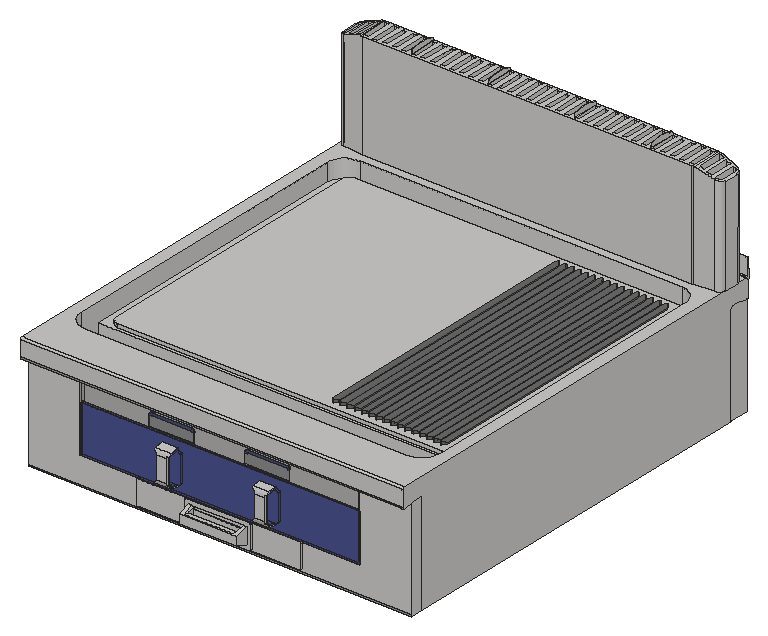
Revit family "QF_ELECTROLUXPROFESSIONAL_589111_MCHOABHOPO", category Specialty Equipment, Revit 2018
Family settings
  Round Connector Dimension = Use Diameter
  Part Type = Normal
  Work Plane-Based = No
  Always vertical = Yes
  Cut with Voids When Loaded = No
  Shared = No
  Room Calculation Point = No
Parameters
  Weight in Pounds = 264.6
  Watts = 0 W
  URL Cutsheet = ""
  Type Mark [instance] = ""
  Specification by User [instance] = ""
  Specification by Manufacturer = ""
  Show Clearance [instance] = yes
  Serial Number = ""
  Seismic Rating = ""
  SMACNA No = ""
  Revision Code [instance] = ""
  Omniclass Number and Title = ""
  NAFEM Spec ID Number = ""
  Model = "589111"
  Mechanical Remarks = ""
  Mechanical Connection Type = ""
  Masterspec = ""
  Manufacturer = "ELECTROLUX"
  Item Number [instance] = ""
  Installed By [instance] = ""
  Identify Quantity as Lot [instance] = yes
  HP = "0 HP"
  Gas Size = 1/2"
  Gas RI Height [instance] = 0 mm
  Gas KW = 20
  Gas Input [instance] = 68180.0 Btu/h
  Gas Connection Height = 0 mm
  Furnished By [instance] = ""
  Foodservice Equipment Identifier [instance] = yes
  Direct Waste Size = 0"
  Description = "GAS FRYTOP,MIXED PL,1S,BSPL,800X900X250"
  CSI MasterFormat = ""
  CSI Master Format = ""
Reference planes
  plane 1 "BACK": y = 0
  plane 2: z = 0
  plane 3 "LEFT": x = 0
  plane 4 "RIGHT": x = 800
  plane 5 "FRONT": y = -900
  plane 6 "TOP": z = 250
  plane 7: x = 400
  plane 8: y = -450
  plane 9: z = 481
  plane 10: y = -1330
Forms (mm)
  Extrusion 1, solid, material "QF_Finishes_Stainless Steel"
    sketch origin (0, -487.128, 0) x (0, 1, 0) y (0, 0, 1)
      loop
        line (483.128, 250) -> (-408.872, 250)
        arc (-408.872, 250) -> (-411.7, 248.828) -> (-412.872, 246) r 4
        line (-412.872, 246) -> (-412.872, 214)
        arc (-412.872, 214) -> (-411.443, 210.936) -> (-408.177, 210.061) r 4
        line (-408.177, 210.061) -> (-391.509, 213) -> (-366.872, 213) -> (-366.872, 0) -> (441.128, 0) -> (441.128, 213) -> (465.765, 213) -> (482.433, 210.061)
        arc (482.433, 210.061) -> (485.699, 210.936) -> (487.128, 214) r 4
        line (487.128, 214) -> (487.128, 246)
        arc (487.128, 246) -> (485.956, 248.828) -> (483.128, 250) r 4
    from 0 to 800
  Extrusion 2, void
    sketch origin (653.786, 44.048, 250) x (1, 0, 0) y (0, -1, 0)
      loop
        line (-590.636, 138.048) -> (83.064, 138.048)
        arc (83.064, 138.048) -> (110.04, 149.222) -> (121.214, 176.198) r 38.15
        line (121.214, 176.198) -> (121.214, 816.572)
        arc (121.214, 816.572) -> (109.944, 843.779) -> (82.737, 855.048) r 38.476
        line (82.737, 855.048) -> (-591.786, 855.048)
        arc (-591.786, 855.048) -> (-617.949, 844.211) -> (-628.786, 818.048) r 37
        line (-628.786, 818.048) -> (-628.786, 176.198)
        arc (-628.786, 176.198) -> (-617.613, 149.222) -> (-590.636, 138.048) r 38.15
    from 0 to 37
  Extrusion 3, void
    sketch origin (1307.573, 92.096, 213) x (0, 1, 0) y (1, 0, 0)
      loop
        line (-821.846, -532.573) -> (-864.62, -532.573)
        arc (-864.62, -532.573) -> (-891.827, -543.842) -> (-903.096, -571.049) r 38.476
        line (-903.096, -571.049) -> (-903.096, -1245.573)
        arc (-903.096, -1245.573) -> (-892.259, -1271.736) -> (-866.096, -1282.573) r 37
        line (-866.096, -1282.573) -> (-821.846, -1282.573) -> (-821.846, -532.573)
    from 0 to 25.6
  Extrusion 4, void
    sketch origin (1612.573, 92.096, 187.4) x (-1, 0, 0) y (0, 1, 0)
      loop
        circle (1212.573, -862.096) r 22.248
    from 0 to 92
  Extrusion 5, solid, material "QF_Finishes_Stainless Steel"
    sketch origin (0, -854, 0) x (1, 0, 0) y (0, -1, 0)
      loop
        circle (765, -264) r 6.35
    from 0 to 3.2
  Extrusion 6, solid, material "QF_Door-Drawer Clearances", visible <- "Show Clearance", detail levels coarse
    sketch origin (437.31, -881.593, 8.62) x (0, 0, 1) y (-1, 0, 0)
      loop
        line (1.973, -134.295) -> (49.317, -134.295)
        arc (49.317, -134.295) -> (50.776, -133.691) -> (51.38, -132.232) r 2.063
        line (51.38, -132.232) -> (51.38, 206.852)
        arc (51.38, 206.852) -> (50.88, 208.549) -> (49.541, 209.705) r 3.133
        line (49.541, 209.705) -> (3.067, 209.705)
        arc (3.067, 209.705) -> (0.898, 208.807) -> (0, 206.638) r 3.067
        line (0, 206.638) -> (0, -132.322)
        arc (0, -132.322) -> (0.578, -133.717) -> (1.973, -134.295) r 1.973
    from 0 to 448.407
  Extrusion 7, solid, material "QF_Clearances", visible <- "Show Clearance", detail levels coarse
    sketch origin (-178.969, -4572, 0) x (-1, 0, 0) y (0, -1, 0)
      loop
        line (-78.969, -3672) -> (-178.969, -3672) -> (-178.969, -4572) -> (-978.969, -4572) -> (-978.969, -3672) -> (-1078.969, -3672) -> (-1078.969, -4672) -> (-78.969, -4672) -> (-78.969, -3672)
    from 0 to 250
  Extrusion 8, solid, material "QF_Finishes_Stainless Steel"
    sketch origin (0, 0, 0) x (0, 1, 0) y (0, 0, 1)
      loop
        line (-2.951, 1.994) -> (-2.951, 210.127)
        arc (-2.951, 210.127) -> (-3.795, 210.003) -> (-4.646, 210.061) r 4
        line (-4.646, 210.061) -> (-21.287, 212.994) -> (-45, 212.994) -> (-45, -0.006) -> (-4.951, -0.006)
        arc (-4.951, -0.006) -> (-3.537, 0.58) -> (-2.951, 1.994) r 2
      loop
        arc (-1.951, 252) -> (-2.537, 250.586) -> (-3.951, 250) r 2
        arc (-3.951, 250) -> (-1.172, 248.823) -> (0, 245.994) r 4
        line (0, 245.994) -> (0, 288) -> (-1.951, 288) -> (-1.951, 252)
    from 800 to 0
Cuts and joins
  Extrusion 2, Extrusion 3, Extrusion 4 cuts Extrusion 1
Lines and regions (mm)
  symbolic lines
    curve 1: line (493.666, -902.326, 0) -> (493.666, -900, 0)
    curve 2: spline (499.334, -903.73, 0) -> (498.856, -903.657, 0) -> (498.378, -903.575, 0) -> (497.901, -903.486, 0) -> (497.425, -903.389, 0) -> (496.95, -903.283, 0) -> (496.476, -903.17, 0) -> (496.004, -903.049, 0) -> (495.533, -902.92, 0) -> (495.064, -902.783, 0) -> (494.596, -902.638, 0) -> (494.13, -902.486, 0) -> (493.666, -902.326, 0)
    curve 3: line (525.881, -902.326, 0) -> (525.881, -900, 0)
    curve 4: spline (525.881, -902.326, 0) -> (525.417, -902.486, 0) -> (524.951, -902.638, 0) -> (524.483, -902.783, 0) -> (524.014, -902.92, 0) -> (523.543, -903.049, 0) -> (523.071, -903.17, 0) -> (522.597, -903.283, 0) -> (522.122, -903.389, 0) -> (521.646, -903.486, 0) -> (521.169, -903.575, 0) -> (520.691, -903.657, 0) -> (520.213, -903.73, 0)
    curve 5: line (499.334, -903.73, 0) -> (520.213, -903.73, 0)
    curve 6: line (25, -774, 0) -> (25, -132.15, 0)
    curve 7: arc (25, -132.15, 0) -> (36.174, -105.174, 0) -> (63.15, -94, 0) r 38.15
    curve 8: line (63.15, -94, 0) -> (736.85, -94, 0)
    curve 9: arc (736.85, -94, 0) -> (763.826, -105.174, 0) -> (775, -132.15, 0) r 38.15
    curve 10: line (775, -132.15, 0) -> (775, -772.524, 0)
    curve 11: arc (775, -772.524, 0) -> (763.731, -799.731, 0) -> (736.524, -811, 0) r 38.476
    curve 12: line (736.524, -811, 0) -> (62, -811, 0)
    curve 13: arc (62, -811, 0) -> (35.837, -800.163, 0) -> (25, -774, 0) r 37
    curve 14: line (775, -729.75, 0) -> (25, -729.75, 0)
    curve 15: circle (400, -770, 0) r 22.248 normal (0, 0, -1)
    curve 16: line (0, 0, 0) -> (800, 0, 0)
    curve 17: line (0, -900, 0) -> (0, 0, 0)
    curve 18: line (800, -900, 0) -> (0, -900, 0)
    curve 19: line (800, 0, 0) -> (800, -900, 0)
    curve 20: line (347.608, -908.767, 0) -> (450.042, -908.767, 0)
    curve 21: line (450.042, -908.767, 0) -> (451.588, -900, 0)
    curve 22: line (347.608, -908.767, 0) -> (346.062, -900, 0)
    curve 29: line (0, -1.951, 0) -> (800, -1.951, 0)
  symbolic lines, style "QF_Door-Drawer Clearances"
    curve 23: line (227.605, -1330, 0) -> (227.605, -900, 0)
    curve 24: line (227.605, -1330, 0) -> (571.605, -1330, 0)
    curve 25: line (571.605, -1330, 0) -> (571.605, -900, 0)
  symbolic lines, style "QF_Clearances", visible <- "Show Clearance", detail levels coarse
    curve 26: line (-100, 100, 0) -> (-100, -900, 0)
    curve 27: line (900, 100, 0) -> (-100, 100, 0)
    curve 28: line (900, -900, 0) -> (900, 100, 0)
Dimensions and locks
  plane 3 "LEFT" to plane 4 "RIGHT" = 800 mm
  plane 5 "FRONT" to plane 1 "BACK" = 900 mm
  equal spacing: plane 3 "LEFT", plane 7, plane 4 "RIGHT"
  equal spacing: plane 5 "FRONT", plane 8, plane 1 "BACK"
  plane 6 "TOP" to level = 250 mm  (x2)
  plane 1 "BACK" to plane 5 "FRONT" = 900 mm
  Extrusion 5 sketch curve to plane 1 "BACK" = 590 mm
  Extrusion 5 sketch curve to plane 4 "RIGHT" = 35 mm
  plane 5 "FRONT" to plane 10 = 430 mm
  plane 9 to plane 6 "TOP" = 231 mm
  plane 9 to level = 481 mm
  Extrusion 7 to plane 3 "LEFT" = 100 mm
  plane 4 "RIGHT" to Extrusion 7 = 100 mm
  plane 1 "BACK" to Extrusion 7 = 100 mm
  aligned and locked: level to plane 2
  aligned and locked: Extrusion 6 to plane 10
  aligned and locked: plane 6 "TOP" to Extrusion 7
  aligned and locked: cut or joined group of Extrusion 1, Extrusion 2, Extrusion 3, Extrusion 4 to plane 4 "RIGHT"
  aligned and locked: plane 7 to nested 1
  aligned and locked: plane 7 to nested 2
  aligned and locked: Extrusion 8 to plane 4 "RIGHT"
  aligned and locked: plane 7 to nested 3
Automatic sketch dimensions
  Extrusion 1 to Extrusion 2 sketch curve = 90 mm
  Extrusion 1 to Extrusion 2 sketch curve = 122 mm
  Extrusion 1 to Extrusion 2 sketch curve = 25 mm
  Extrusion 2 sketch curve to Extrusion 2 sketch curve = 38.15 mm  (x2)
  Extrusion 1 to Extrusion 2 sketch curve = 123.476 mm
  Extrusion 1 to Extrusion 2 sketch curve = 85 mm
  Extrusion 2 sketch curve to Extrusion 2 sketch curve = 674.524 mm
  Extrusion 1 sketch curve to plane 5 "FRONT" = 0 mm
  Extrusion 1 sketch curve to plane 6 "TOP" = 0 mm
  Extrusion 1 sketch curve to level = 0 mm
  Extrusion 1 sketch curve to plane 1 "BACK" = 0 mm
  Extrusion 1 sketch curve to plane 6 "TOP" = 37 mm  (x2)
  Extrusion 1 sketch curve to plane 5 "FRONT" = 4 mm
  Extrusion 1 sketch curve to plane 5 "FRONT" = 21.363 mm
  Extrusion 1 sketch curve to plane 5 "FRONT" = 46 mm
  plane 1 "BACK" to Extrusion 1 sketch curve = 21.363 mm
  plane 1 "BACK" to Extrusion 1 sketch curve = 4 mm  (x2)
  Extrusion 1 sketch curve to Extrusion 1 sketch curve = 4 mm
  Extrusion 1 sketch curve to Extrusion 1 sketch curve = 0.695 mm
  Extrusion 1 sketch curve to Extrusion 1 sketch curve = 0 mm  (x4)
  plane 1 "BACK" to Extrusion 1 sketch curve = 4.695 mm
  Extrusion 1 sketch curve to Extrusion 1 sketch curve = 1 mm  (x2)
  plane 1 "BACK" to Extrusion 1 sketch curve = 46 mm
  Extrusion 3 sketch curve to Extrusion 2 = 81.25 mm
  Extrusion 2 to Extrusion 3 sketch curve = 0 mm  (x2)
  Extrusion 3 sketch curve to Extrusion 3 sketch curve = 37 mm
  Extrusion 3 sketch curve to Extrusion 3 sketch curve = 674.524 mm
  Extrusion 3 sketch curve to Extrusion 2 = 38.476 mm
  Extrusion 4 sketch curve to Extrusion 3 = 41 mm
  Extrusion 4 sketch curve to Extrusion 3 = 375 mm
  plane 1 "BACK" to Extrusion 7 sketch curve = 0 mm
  plane 5 "FRONT" to Extrusion 7 sketch curve = 0 mm  (x2)
  Extrusion 7 sketch curve to plane 4 "RIGHT" = 100 mm
  Extrusion 7 sketch curve to plane 1 "BACK" = 100 mm
  Extrusion 7 sketch curve to plane 3 "LEFT" = 100 mm
  Extrusion 7 sketch curve to plane 3 "LEFT" = 0 mm
  Extrusion 7 sketch curve to plane 4 "RIGHT" = 0 mm
  level to Extrusion 6 sketch curve = 8.62 mm
  level to Extrusion 6 sketch curve = 57.937 mm
  plane 7 to Extrusion 6 sketch curve = 171.605 mm
  Extrusion 6 sketch curve to Extrusion 6 sketch curve = 1.973 mm
  Extrusion 6 sketch curve to Extrusion 6 sketch curve = 3.067 mm
  Extrusion 6 sketch curve to Extrusion 6 sketch curve = 46.474 mm
  Extrusion 6 sketch curve to Extrusion 6 sketch curve = 2.063 mm
  Extrusion 6 sketch curve to Extrusion 6 sketch curve = 3.133 mm
  Extrusion 6 sketch curve to plane 7 = 169.328 mm
  Extrusion 8 sketch curve to plane 1 "BACK" = 0 mm  (x2)
  Extrusion 8 sketch curve to level = 0.006 mm
  Extrusion 8 sketch curve to plane 6 "TOP" = 0 mm
  Extrusion 8 sketch curve to Extrusion 8 sketch curve = 1.951 mm
  plane 1 "BACK" to Extrusion 8 sketch curve = 2.951 mm
  Extrusion 8 sketch curve to Extrusion 8 sketch curve = 2 mm  (x2)
  Extrusion 8 sketch curve to Extrusion 8 sketch curve = 18.335 mm
  Extrusion 8 sketch curve to Extrusion 8 sketch curve = 40.049 mm
  Extrusion 8 sketch curve to Extrusion 8 sketch curve = 1.695 mm
  Extrusion 8 sketch curve to Extrusion 8 sketch curve = 0 mm  (x3)
  Extrusion 8 sketch curve to Extrusion 8 sketch curve = 4 mm
  plane 1 "BACK" to Extrusion 8 sketch curve = 3.951 mm
  Extrusion 8 sketch curve to plane 6 "TOP" = 39.873 mm
  Extrusion 8 sketch curve to plane 6 "TOP" = 37.006 mm
  Extrusion 8 sketch curve to Extrusion 8 sketch curve = 36 mm
  Extrusion 8 sketch curve to Extrusion 8 sketch curve = 0.066 mm
  Extrusion 8 sketch curve to plane 6 "TOP" = 4.006 mm
  plane 1 "BACK" to curve 16 = 0 mm
  curve 25 to plane 10 = 0 mm
  curve 17 to plane 3 "LEFT" = 0 mm
  plane 5 "FRONT" to curve 18 = 0 mm
  plane 5 "FRONT" to curve 28 = 0 mm
  curve 29 to plane 4 "RIGHT" = 0 mm
  curve 15 to plane 7 = 0 mm
  plane 5 "FRONT" to curve 26 = 0 mm
  curve 27 to plane 4 "RIGHT" = 100 mm
  plane 4 "RIGHT" to curve 10 = 25 mm
  curve 10 to curve 12 = 38.476 mm
  plane 7 to curve 25 = 171.605 mm
  plane 5 "FRONT" to curve 3 = 2.326 mm
  curve 25 to curve 3 = 45.724 mm
  plane 5 "FRONT" to curve 5 = 3.73 mm
  curve 4 to curve 5 = 5.669 mm
  curve 5 to curve 5 = 20.878 mm
  plane 5 "FRONT" to curve 1 = 2.326 mm
  curve 2 to curve 1 = 5.669 mm
  plane 5 "FRONT" to curve 21 = 8.767 mm
  curve 2 to curve 21 = 43.623 mm
  curve 22 to plane 7 = 52.392 mm
  curve 23 to plane 7 = 172.395 mm
  plane 3 "LEFT" to curve 12 = 62 mm
  plane 3 "LEFT" to curve 6 = 25 mm
  curve 27 to plane 3 "LEFT" = 100 mm
  curve 3 to curve 4 = 9.839 mm
  plane 5 "FRONT" to curve 2 = 4.032 mm
  curve 2 to curve 5 = 4.17 mm
  curve 21 to curve 20 = 1.546 mm
  curve 20 to curve 22 = 1.546 mm
  curve 26 to plane 1 "BACK" = 100 mm
  plane 1 "BACK" to curve 8 = 94 mm
  plane 1 "BACK" to curve 29 = 1.951 mm
  curve 15 to plane 5 "FRONT" = 130 mm
  curve 2 to curve 4 = 0 mm
  plane 4 "RIGHT" to curve 8 = 63.15 mm
  plane 1 "BACK" to curve 6 = 132.15 mm
  curve 10 to plane 5 "FRONT" = 127.476 mm
  curve 14 to curve 13 = 44.25 mm
  radius of Extrusion 4 sketch curve = 22.248 mm
  radius of Extrusion 5 sketch curve = 6.35 mm
  radius of curve 15 = 22.248 mm
Nested families
  nested 1: "GG_900_800 Front Panel with Center Grease Trap" at (0, -854, -650), type "GG_900_800 Front Panel with Center Grease Trap"
  nested 2: "GG_900_Backsplash for 800 fryer" at (388.888, -5, -635.571), type "GG_900_Backsplash for 800 fryer"
  nested 3: "GG_900_800 mm Half Grate" at (400, -411.875, -675), type "GG_900_800 mm Half Grate"
Connectors
  piping at (765, -590, -3.2), diameter 12.8
    settings: on Extrusion 5, index 1, connector inside diameter 0.50394", connector length 0 mm, flow factor 0, pipe flow 0 GPM, pressure drop 0.00 psi, fitting loss kfactor 0, connector angle 0.00°, fixture units 0, engagement length 0 mm, angle of deflection 0.00°, flow configuration 1, flow direction 1, fitting loss method 0, system type 7, joint type 0, gender type 0, connector reference index -1, connector utility 0, adjustable connector no, is connector primary yes, connector description "GAS CONNECTION"
Definition of nested family "GG_900_800 Front Panel with Center Grease Trap"
  Reference planes
    plane 1 "Center (Front/Back)": y = 0
    plane 2: z = 0
    plane 3 "Center (Left/Right)": x = 0
    plane 4: y = -26.492
    plane 5: x = 400
    plane 6: x = 522.091
    plane 7: x = 319.468
  Forms (mm)
    Extrusion 1, solid
      sketch origin (1033.217, 829.203, -1.25) x (0, 1, 0) y (0, 0, 1)
        loop
          arc (-854.203, 654.25) -> (-853.324, 652.129) -> (-851.203, 651.25) r 3
          line (-851.203, 651.25) -> (-829.203, 651.25) -> (-829.203, 864.25) -> (-854.203, 864.25) -> (-854.203, 654.25)
      from -1033.217 to -233.217
    Extrusion 2, void
      sketch origin (1033.217, 829.203, -1.25) x (1, 0, 0) y (0, 0, 1)
        loop
          line (-341.217, 853.25) -> (-925.217, 853.25) -> (-925.217, 711.25) -> (-341.217, 711.25) -> (-341.217, 853.25)
      from 843.409 to 854.203
  Cuts and joins
    Extrusion 2 cuts Extrusion 1
  Dimensions and locks
    cut or joined group of Extrusion 1, Extrusion 2 to cut or joined group of Extrusion 1, Extrusion 2 = 108 mm
    nested 2 to plane 3 "Center (Left/Right)" = 108 mm
    nested 2 to plane 3 "Center (Left/Right)" = 252.97 mm
    cut or joined group of Extrusion 1, Extrusion 2 to nested 2 = 253.275 mm
    cut or joined group of Extrusion 1, Extrusion 2 to nested 4 = 297.909 mm
    nested 3 to plane 3 "Center (Left/Right)" = 298.218 mm
    aligned and locked: nested 1 to nested 2
  Nested families
    nested 1: "grease trap door" at (467.599, -25, 0.608) x (-1, 0, 0) z (0, 0, 1), type "grease trap door"
    nested 2: "Long Glass Control Panel w-Two Reads" at (108, -25, 5.811), type "Long Glass Control Panel w-Two Reads"
    nested 3: "Range Control Handle" at (298.218, -28.137, -207.75), type "Range Control Handle"
    nested 4: "Range Control Handle" at (502.091, -28.137, -207.75), type "Range Control Handle"
  Definition of nested family "grease trap door"
    Reference planes
      plane 1 "Center (Front/Back)": y = 0
      plane 2: z = 0
      plane 3 "Center (Left/Right)": x = 0
    Forms (mm)
      Extrusion 1, solid
        sketch origin (1627.55, 854.203, -1.25) x (1, 0, 0) y (0, 0, 1)
          loop
            arc (-1627.55, 661.235) -> (-1626.972, 659.84) -> (-1625.577, 659.262) r 1.973
            line (-1625.577, 659.262) -> (-1494.325, 659.262)
            arc (-1494.325, 659.262) -> (-1492.156, 660.16) -> (-1491.258, 662.329) r 3.067
            line (-1491.258, 662.329) -> (-1491.258, 708.803)
            arc (-1491.258, 708.803) -> (-1492.414, 710.143) -> (-1494.111, 710.642) r 3.133
            line (-1494.111, 710.642) -> (-1625.486, 710.642)
            arc (-1625.486, 710.642) -> (-1626.945, 710.038) -> (-1627.55, 708.579) r 2.063
            line (-1627.55, 708.579) -> (-1627.55, 661.235)
        from 856.795 to 859.203
      Extrusion 2, solid
        sketch origin (445.874, 2476.61, 0) x (0, 1, 0) y (0, 0, 1)
          loop
            line (-2506.377, 675.273) -> (-2481.61, 667.505) -> (-2481.61, 700.995) -> (-2506.377, 693.227) -> (-2506.377, 675.273)
        from -437.68 to -317.68
      Extrusion 3, void
        sketch origin (1627.55, 854.203, -1.25) x (1, 0, 0) y (0, 0, 1)
          loop
            line (-1614.883, 703) -> (-1610.542, 695.433) -> (-1508.17, 695.433) -> (-1503.828, 703) -> (-1614.883, 703)
          loop
            line (-1614.883, 668) -> (-1502.669, 668) -> (-1507.01, 675.567) -> (-1610.542, 675.567) -> (-1614.883, 668)
        from 832.916 to 883.97
      Extrusion 4, void
        sketch origin (447.55, 854.203, -1.25) x (1, 0, 0) y (0, 0, 1)
          loop
            line (-430.542, 695.433) -> (-430.542, 675.567) -> (-328.17, 675.567) -> (-328.17, 695.433) -> (-430.542, 695.433)
        from 859.203 to 874.202
      Extrusion 5, solid
        sketch origin (1627.55, 854.203, -1.25) x (1, 0, 0) y (0, 0, 1)
          loop
            arc (-1731.556, 661.235) -> (-1730.978, 659.84) -> (-1729.583, 659.262) r 1.973
            line (-1729.583, 659.262) -> (-1390.623, 659.262)
            arc (-1390.623, 659.262) -> (-1388.454, 660.16) -> (-1387.556, 662.329) r 3.067
            line (-1387.556, 662.329) -> (-1387.556, 708.803)
            arc (-1387.556, 708.803) -> (-1388.712, 710.143) -> (-1390.409, 710.642) r 3.133
            line (-1390.409, 710.642) -> (-1729.493, 710.642)
            arc (-1729.493, 710.642) -> (-1730.952, 710.038) -> (-1731.556, 708.579) r 2.063
            line (-1731.556, 708.579) -> (-1731.556, 661.235)
        from 854.203 to 856.795
    Cuts and joins
      Extrusion 3 cuts Extrusion 1
      Extrusion 3, Extrusion 4 cuts Extrusion 2
      joined: Extrusion 1, Extrusion 2
    Lines and regions (mm)
      symbolic lines
        curve 1: line (0, -2.593, 0) -> (136.292, -2.593, 0)
        curve 2: line (17.557, -29.767, 0) -> (12.667, -2.593, 0)
        curve 3: line (17.557, -29.767, 0) -> (119.991, -29.767, 0)
        curve 4: line (119.991, -29.767, 0) -> (124.881, -2.593, 0)
        curve 5: line (68.146, -2.593, 0) -> (68.146, -29.767, 0)
      model lines
        curve 6: line (67.599, 0, 658.012) -> (67.599, 0, 709.392)
    Dimensions and locks
      aligned and locked: Extrusion 2 to Extrusion 1
      aligned and locked: Extrusion 3 to Extrusion 2
      aligned and locked: Extrusion 4 to Extrusion 1
  Definition of nested family "Long Glass Control Panel w-Two Reads"
    Reference planes
      plane 1 "Center (Front/Back)": y = 0
      plane 2: z = 0
      plane 3 "Center (Left/Right)": x = 0
      plane 4: x = 584
      plane 5: x = 581.091
      plane 6: x = 350
      plane 7: x = 233.749
      plane 8 "Top": z = 846.189
      plane 9 "Center": x = 292
    Forms (mm)
      Extrusion 1, solid
        sketch origin (550.286, 304.8, -4.308) x (1, 0, 0) y (0, 0, 1)
          loop
            line (-550.286, 806.791) -> (-550.286, 708.497) -> (33.714, 708.497) -> (33.714, 806.791) -> (-550.286, 806.791)
        from 300.031 to 304.8
      Extrusion 2, solid
        sketch origin (550.286, 304.8, -4.308) x (1, 0, 0) y (0, 0, 1)
          loop
            line (-550.286, 850.497) -> (-550.286, 806.791) -> (33.714, 806.791) -> (33.714, 850.497) -> (-550.286, 850.497)
        from 300.031 to 304.8
      Extrusion 3, solid
        sketch origin (550.286, 305.901, -4.308) x (1, 0, 0) y (0, 0, 1)
          loop
            line (-311.561, 812.62) -> (-311.561, 834.177) -> (-316.37, 834.177) -> (-318.169, 835.977) -> (-398.599, 835.977) -> (-400.399, 834.177) -> (-405.316, 834.177) -> (-405.316, 812.62) -> (-311.561, 812.62)
          loop
            line (-111.561, 812.62) -> (-111.561, 834.177) -> (-116.37, 834.177) -> (-118.169, 835.977) -> (-198.599, 835.977) -> (-200.399, 834.177) -> (-205.316, 834.177) -> (-205.316, 812.62) -> (-111.561, 812.62)
        from 304.798 to 306.745
      Extrusion 4, solid
        sketch origin (550.286, 305.901, -4.308) x (1, 0, 0) y (0, 0, 1)
          loop
            line (-318.121, 835.977) -> (-316.321, 834.177) -> (-311.611, 834.177)
            arc (-311.611, 834.177) -> (-312.787, 838.752) -> (-317.062, 840.763) r 5.549
            line (-317.062, 840.763) -> (-399.768, 840.763)
            arc (-399.768, 840.763) -> (-404.024, 838.747) -> (-405.16, 834.177) r 5.5
            line (-405.16, 834.177) -> (-400.351, 834.177) -> (-398.551, 835.977) -> (-318.121, 835.977)
          loop
            line (-200.222, 834.177) -> (-198.422, 835.977) -> (-117.993, 835.977) -> (-116.193, 834.177) -> (-111.482, 834.177)
            arc (-111.482, 834.177) -> (-112.659, 838.752) -> (-116.934, 840.763) r 5.549
            line (-116.934, 840.763) -> (-199.639, 840.763)
            arc (-199.639, 840.763) -> (-203.895, 838.747) -> (-205.031, 834.177) r 5.5
            line (-205.031, 834.177) -> (-200.222, 834.177)
        from 304.798 to 306.745
      Extrusion 5, void
        sketch origin (550.286, 304.8, -4.308) x (1, 0, 0) y (0, 0, 1)
          loop
            line (-547.628, 847.565) -> (-547.628, 710.699) -> (30.804, 710.699) -> (30.804, 847.565) -> (-547.628, 847.565)
        from 303.697 to 304.8
    Cuts and joins
      Extrusion 5 cuts Extrusion 1
      Extrusion 5 cuts Extrusion 2
      Extrusion 5 cuts Extrusion 3
      Extrusion 5 cuts Extrusion 4
    Lines and regions (mm)
      symbolic lines
        curve 1: line (0, 4.769, 0) -> (584, 4.769, 0)
    Dimensions and locks
      plane 4 to plane 3 "Center (Left/Right)" = 584 mm
      locked: plane 4 to plane 5 at 2.909
      plane 4 to plane 6 = 234 mm
      plane 7 to plane 3 "Center (Left/Right)" = 233.749 mm
      aligned and locked: Extrusion 1 to Extrusion 2
      aligned and locked: Extrusion 3 to Extrusion 4
  Definition of nested family "Range Control Handle"
    Reference planes
      plane 1 "Center (Front/Back)": y = 0
      plane 2: z = 0
      plane 3 "Center (Left/Right)": x = 0
      plane 4: z = 971.092
    Forms (mm)
      Extrusion 1, solid
        sketch origin (-746.28, 380.497, 208.931) x (-1, 0, 0) y (0, 0, 1)
          loop
            line (-770.101, 786.798) -> (-770.101, 731.649)
            arc (-770.101, 731.649) -> (-769.759, 730.563) -> (-768.855, 729.87) r 1.893
            line (-768.855, 729.87) -> (-763.474, 727.911) -> (-729.81, 727.911) -> (-724.428, 729.87)
            arc (-724.428, 729.87) -> (-723.525, 730.563) -> (-723.183, 731.649) r 1.893
            line (-723.183, 731.649) -> (-723.183, 786.798)
            arc (-723.183, 786.798) -> (-723.529, 787.894) -> (-724.44, 788.593) r 1.91
            line (-724.44, 788.593) -> (-729.683, 790.819) -> (-763.601, 790.819) -> (-768.844, 788.593)
            arc (-768.844, 788.593) -> (-769.755, 787.894) -> (-770.101, 786.798) r 1.91
        from -382.35 to -378.852
      Sweep 2, solid
        path origin (-746.788, 380.496, 208.091) x (0, -1, 0) y (0, 0, 1)
          loop
            line (379.775, 793.281) -> (395.661, 791.048)
            arc (395.661, 791.048) -> (397.781, 787.377) -> (398.517, 783.202) r 12.207
            line (398.517, 783.202) -> (398.517, 737.368)
            arc (398.517, 737.368) -> (397.781, 733.193) -> (395.661, 729.522) r 12.207
            line (395.661, 729.522) -> (379.775, 727.289)
        profile origin (-746.788, -7.222, 1000.256) x (0, -0.139173, 0.990268) y (-1, 0, 0)
          loop
            line (0.782, -763.123) -> (0.782, -730.907) -> (-1.322, -730.907) -> (-1.322, -763.123) -> (0.782, -763.123)
      Sweep 3, solid
        path origin (-746.788, 380.715, 207.832) x (0, -1, 0) y (0, 0, 1)
          loop
            line (380.478, 795.442) -> (397.218, 793.09)
            arc (397.218, 793.09) -> (399.929, 788.473) -> (400.871, 783.202) r 15.207
            line (400.871, 783.202) -> (400.871, 737.584)
            arc (400.871, 737.584) -> (399.914, 732.274) -> (397.164, 727.633) r 15.207
            line (397.164, 727.633) -> (380.601, 725.305)
        profile origin (-746.788, -8.132, 1002.099) x (0, -0.139173, 0.990268) y (-1, 0, 0)
          loop
            line (0.782, -763.123) -> (0.782, -730.907) -> (-1.322, -730.907) -> (-1.322, -763.123) -> (0.782, -763.123)
      Extrusion 4, void
        sketch origin (889.253, 220.666, 207.993) x (1, 0, 0) y (0, 0, 1)
          loop
            line (-943.038, 816.854) -> (-943.038, 703.686) -> (-899.466, 734.196) -> (-899.466, 786.344) -> (-943.038, 816.854)
        from 230.636 to 242.25
      Extrusion 5, void
        sketch origin (-888.8, 220.666, 207.993) x (-1, 0, 0) y (0, 0, -1)
          loop
            line (-943.038, -816.854) -> (-899.466, -786.344) -> (-899.466, -734.196) -> (-943.038, -703.686) -> (-943.038, -816.854)
        from 230.636 to 242.25
      Extrusion 6, solid
        sketch origin (0, 0, 0) x (1, 0, 0) y (0, 0, 1)
          loop
            circle (0, 971.092) r 7.736
        from -3.137 to -1.645
    Cuts and joins
      Extrusion 4, Extrusion 5 cuts Sweep 3
      Extrusion 4, Extrusion 5 cuts Sweep 2
      joined: Extrusion 1, Extrusion 6
    Lines and regions (mm)
      symbolic lines
        curve 1: line (23.821, 1.645, 0) -> (-23.097, 1.645, 0)
        curve 2: line (16.334, -1.853, 0) -> (23.821, -1.853, 0)
        curve 3: line (-15.881, -19.189, 0) -> (-15.881, -1.853, 0)
        curve 4: line (-23.097, -1.853, 0) -> (-15.881, -1.853, 0)
        curve 5: line (16.334, -19.189, 0) -> (16.334, -1.853, 0)
        curve 6: spline (-15.881, -19.189, 0) -> (-15.417, -19.349, 0) -> (-14.951, -19.501, 0) -> (-14.483, -19.646, 0) -> (-14.014, -19.783, 0) -> (-13.543, -19.912, 0) -> (-13.071, -20.033, 0) -> (-12.597, -20.146, 0) -> (-12.122, -20.251, 0) -> (-11.646, -20.349, 0) -> (-11.169, -20.438, 0) -> (-10.691, -20.52, 0) -> (-10.213, -20.593, 0)
        curve 7: spline (10.666, -20.593, 0) -> (11.144, -20.52, 0) -> (11.622, -20.438, 0) -> (12.099, -20.349, 0) -> (12.575, -20.251, 0) -> (13.05, -20.146, 0) -> (13.524, -20.033, 0) -> (13.996, -19.912, 0) -> (14.467, -19.783, 0) -> (14.936, -19.646, 0) -> (15.404, -19.501, 0) -> (15.87, -19.349, 0) -> (16.334, -19.189, 0)
        curve 8: line (-10.213, -20.938, 0) -> (10.716, -20.938, 0)
        curve 9: line (-23.097, 1.645, 0) -> (-23.097, -1.853, 0)
        curve 10: line (23.821, 1.645, 0) -> (23.821, -1.853, 0)
Definition of nested family "GG_900_Backsplash for 800 fryer"
  Reference planes
    plane 1 "Center (Front/Back)": y = 0
    plane 2: z = 0
    plane 3 "Center (Left/Right)": x = 11.112
    plane 4: x = -388.888
    plane 5: x = 411.112
    plane 6: y = -37.994
  Forms (mm)
    Extrusion 1, solid
      sketch origin (3208.371, -22.924, -275.679) x (1, 0, 0) y (0, 0, 1)
        loop
          line (-3597.259, 1365.162) -> (-3597.259, 1161.25) -> (-2797.259, 1161.25) -> (-2797.259, 1364.934) -> (-2841.553, 1381.055)
          arc (-2841.553, 1381.055) -> (-2844.994, 1381.949) -> (-2848.536, 1382.25) r 21
          line (-2848.536, 1382.25) -> (-3546.608, 1382.25)
          arc (-3546.608, 1382.25) -> (-3550.146, 1381.95) -> (-3553.582, 1381.058) r 21
          line (-3553.582, 1381.058) -> (-3597.259, 1365.162)
      from -17.885 to 48.024
    Extrusion 2, void
      sketch origin (3108.387, -925.98, -226.348) x (1, 0, 0) y (0, 1, 0)
        loop
          line (-3444.887, 915.362) -> (-3444.887, 861.502) -> (-3434.887, 861.502) -> (-3434.887, 915.362) -> (-3444.887, 915.362)
      from 1111.919 to 1332.919
    Extrusion 3, void
      sketch origin (3789.012, -925.98, -226.348) x (1, 0, 0) y (0, 1, 0)
        loop
          line (-3444.887, 915.362) -> (-3444.887, 861.502) -> (-3434.887, 861.502) -> (-3434.887, 915.362) -> (-3444.887, 915.362)
      from 1111.919 to 1332.919
    Extrusion 4, void
      sketch origin (3128.405, -925.98, -226.348) x (1, 0, 0) y (0, 1, 0)
        loop
          line (-3444.887, 915.362) -> (-3444.887, 861.502) -> (-3434.887, 861.502) -> (-3434.887, 915.362) -> (-3444.887, 915.362)
      from 1111.919 to 1332.919
    Extrusion 5, void
      sketch origin (3148.424, -925.98, -226.348) x (1, 0, 0) y (0, 1, 0)
        loop
          line (-3444.887, 915.362) -> (-3444.887, 861.502) -> (-3434.887, 861.502) -> (-3434.887, 915.362) -> (-3444.887, 915.362)
      from 1111.919 to 1332.919
    Extrusion 6, void
      sketch origin (3168.442, -925.98, -226.348) x (1, 0, 0) y (0, 1, 0)
        loop
          line (-3444.887, 915.362) -> (-3444.887, 861.502) -> (-3434.887, 861.502) -> (-3434.887, 915.362) -> (-3444.887, 915.362)
      from 1111.919 to 1332.919
    Extrusion 7, void
      sketch origin (3188.46, -925.98, -226.348) x (1, 0, 0) y (0, 1, 0)
        loop
          line (-3444.887, 915.362) -> (-3444.887, 861.502) -> (-3434.887, 861.502) -> (-3434.887, 915.362) -> (-3444.887, 915.362)
      from 1111.919 to 1332.919
    Extrusion 8, void
      sketch origin (3208.479, -925.98, -226.348) x (1, 0, 0) y (0, 1, 0)
        loop
          line (-3444.887, 915.362) -> (-3444.887, 861.502) -> (-3434.887, 861.502) -> (-3434.887, 915.362) -> (-3444.887, 915.362)
      from 1111.919 to 1332.919
    Extrusion 9, void
      sketch origin (3228.497, -925.98, -226.348) x (1, 0, 0) y (0, 1, 0)
        loop
          line (-3444.887, 915.362) -> (-3444.887, 861.502) -> (-3434.887, 861.502) -> (-3434.887, 915.362) -> (-3444.887, 915.362)
      from 1111.919 to 1332.919
    Extrusion 10, void
      sketch origin (3248.516, -925.98, -226.348) x (1, 0, 0) y (0, 1, 0)
        loop
          line (-3444.887, 915.362) -> (-3444.887, 861.502) -> (-3434.887, 861.502) -> (-3434.887, 915.362) -> (-3444.887, 915.362)
      from 1111.919 to 1332.919
    Extrusion 11, void
      sketch origin (3268.534, -925.98, -226.348) x (1, 0, 0) y (0, 1, 0)
        loop
          line (-3444.887, 915.362) -> (-3444.887, 861.502) -> (-3434.887, 861.502) -> (-3434.887, 915.362) -> (-3444.887, 915.362)
      from 1111.919 to 1332.919
    Extrusion 12, void
      sketch origin (3288.552, -925.98, -226.348) x (1, 0, 0) y (0, 1, 0)
        loop
          line (-3444.887, 915.362) -> (-3444.887, 861.502) -> (-3434.887, 861.502) -> (-3434.887, 915.362) -> (-3444.887, 915.362)
      from 1111.919 to 1332.919
    Extrusion 13, void
      sketch origin (3308.571, -925.98, -226.348) x (1, 0, 0) y (0, 1, 0)
        loop
          line (-3444.887, 915.362) -> (-3444.887, 861.502) -> (-3434.887, 861.502) -> (-3434.887, 915.362) -> (-3444.887, 915.362)
      from 1111.919 to 1332.919
    Extrusion 14, void
      sketch origin (3328.589, -925.98, -226.348) x (1, 0, 0) y (0, 1, 0)
        loop
          line (-3444.887, 915.362) -> (-3444.887, 861.502) -> (-3434.887, 861.502) -> (-3434.887, 915.362) -> (-3444.887, 915.362)
      from 1111.919 to 1332.919
    Extrusion 15, void
      sketch origin (3348.607, -925.98, -226.348) x (1, 0, 0) y (0, 1, 0)
        loop
          line (-3444.887, 915.362) -> (-3444.887, 861.502) -> (-3434.887, 861.502) -> (-3434.887, 915.362) -> (-3444.887, 915.362)
      from 1111.919 to 1332.919
    Extrusion 16, void
      sketch origin (3368.626, -925.98, -226.348) x (1, 0, 0) y (0, 1, 0)
        loop
          line (-3444.887, 915.362) -> (-3444.887, 861.502) -> (-3434.887, 861.502) -> (-3434.887, 915.362) -> (-3444.887, 915.362)
      from 1111.919 to 1332.919
    Extrusion 17, void
      sketch origin (3388.644, -925.98, -226.348) x (1, 0, 0) y (0, 1, 0)
        loop
          line (-3444.887, 915.362) -> (-3444.887, 861.502) -> (-3434.887, 861.502) -> (-3434.887, 915.362) -> (-3444.887, 915.362)
      from 1111.919 to 1332.919
    Extrusion 18, void
      sketch origin (3408.663, -925.98, -226.348) x (1, 0, 0) y (0, 1, 0)
        loop
          line (-3444.887, 915.362) -> (-3444.887, 861.502) -> (-3434.887, 861.502) -> (-3434.887, 915.362) -> (-3444.887, 915.362)
      from 1111.919 to 1332.919
    Extrusion 19, void
      sketch origin (3428.681, -925.98, -226.348) x (1, 0, 0) y (0, 1, 0)
        loop
          line (-3444.887, 915.362) -> (-3444.887, 861.502) -> (-3434.887, 861.502) -> (-3434.887, 915.362) -> (-3444.887, 915.362)
      from 1111.919 to 1332.919
    Extrusion 20, void
      sketch origin (3448.699, -925.98, -226.348) x (1, 0, 0) y (0, 1, 0)
        loop
          line (-3444.887, 915.362) -> (-3444.887, 861.502) -> (-3434.887, 861.502) -> (-3434.887, 915.362) -> (-3444.887, 915.362)
      from 1111.919 to 1332.919
    Extrusion 21, void
      sketch origin (3468.718, -925.98, -226.348) x (1, 0, 0) y (0, 1, 0)
        loop
          line (-3444.887, 915.362) -> (-3444.887, 861.502) -> (-3434.887, 861.502) -> (-3434.887, 915.362) -> (-3444.887, 915.362)
      from 1111.919 to 1332.919
    Extrusion 22, void
      sketch origin (3488.736, -925.98, -226.348) x (1, 0, 0) y (0, 1, 0)
        loop
          line (-3444.887, 915.362) -> (-3444.887, 861.502) -> (-3434.887, 861.502) -> (-3434.887, 915.362) -> (-3444.887, 915.362)
      from 1111.919 to 1332.919
    Extrusion 23, void
      sketch origin (3508.755, -925.98, -226.348) x (1, 0, 0) y (0, 1, 0)
        loop
          line (-3444.887, 915.362) -> (-3444.887, 861.502) -> (-3434.887, 861.502) -> (-3434.887, 915.362) -> (-3444.887, 915.362)
      from 1111.919 to 1332.919
    Extrusion 24, void
      sketch origin (3528.773, -925.98, -226.348) x (1, 0, 0) y (0, 1, 0)
        loop
          line (-3444.887, 915.362) -> (-3444.887, 861.502) -> (-3434.887, 861.502) -> (-3434.887, 915.362) -> (-3444.887, 915.362)
      from 1111.919 to 1332.919
    Extrusion 25, void
      sketch origin (3548.791, -925.98, -226.348) x (1, 0, 0) y (0, 1, 0)
        loop
          line (-3444.887, 915.362) -> (-3444.887, 861.502) -> (-3434.887, 861.502) -> (-3434.887, 915.362) -> (-3444.887, 915.362)
      from 1111.919 to 1332.919
    Extrusion 26, void
      sketch origin (3568.81, -925.98, -226.348) x (1, 0, 0) y (0, 1, 0)
        loop
          line (-3444.887, 915.362) -> (-3444.887, 861.502) -> (-3434.887, 861.502) -> (-3434.887, 915.362) -> (-3444.887, 915.362)
      from 1111.919 to 1332.919
    Extrusion 27, void
      sketch origin (3588.828, -925.98, -226.348) x (1, 0, 0) y (0, 1, 0)
        loop
          line (-3444.887, 915.362) -> (-3444.887, 861.502) -> (-3434.887, 861.502) -> (-3434.887, 915.362) -> (-3444.887, 915.362)
      from 1111.919 to 1332.919
    Extrusion 28, void
      sketch origin (3608.846, -925.98, -226.348) x (1, 0, 0) y (0, 1, 0)
        loop
          line (-3444.887, 915.362) -> (-3444.887, 861.502) -> (-3434.887, 861.502) -> (-3434.887, 915.362) -> (-3444.887, 915.362)
      from 1111.919 to 1332.919
    Extrusion 29, void
      sketch origin (3628.865, -925.98, -226.348) x (1, 0, 0) y (0, 1, 0)
        loop
          line (-3444.887, 915.362) -> (-3444.887, 861.502) -> (-3434.887, 861.502) -> (-3434.887, 915.362) -> (-3444.887, 915.362)
      from 1111.919 to 1332.919
    Extrusion 30, void
      sketch origin (3648.883, -925.98, -226.348) x (1, 0, 0) y (0, 1, 0)
        loop
          line (-3444.887, 915.362) -> (-3444.887, 861.502) -> (-3434.887, 861.502) -> (-3434.887, 915.362) -> (-3444.887, 915.362)
      from 1111.919 to 1332.919
    Extrusion 31, void
      sketch origin (3668.902, -925.98, -226.348) x (1, 0, 0) y (0, 1, 0)
        loop
          line (-3444.887, 915.362) -> (-3444.887, 861.502) -> (-3434.887, 861.502) -> (-3434.887, 915.362) -> (-3444.887, 915.362)
      from 1111.919 to 1332.919
    Extrusion 32, void
      sketch origin (0, 0, 0) x (1, 0, 0) y (0, 1, 0)
        loop
          line (-373.021, -61.567) -> (-373.021, -14.408) -> (-377.678, -14.821)
          spline (-377.678, -14.821) -> (-378.371, -14.929) -> (-379.046, -15.126) -> (-379.692, -15.41) -> (-380.301, -15.777) -> (-380.864, -16.22) -> (-381.37, -16.734) -> (-381.814, -17.309) -> (-382.188, -17.939) -> (-382.486, -18.613) -> (-382.704, -19.32) -> (-382.839, -20.051) -> (-382.888, -20.793)
          line (-382.888, -20.793) -> (-382.888, -55.104)
          spline (-382.888, -55.104) -> (-382.855, -55.807) -> (-382.746, -56.501) -> (-382.562, -57.176) -> (-382.305, -57.825) -> (-381.98, -58.437) -> (-381.589, -59.005) -> (-381.14, -59.521) -> (-380.637, -59.978) -> (-380.087, -60.369) -> (-379.499, -60.69) -> (-378.879, -60.936) -> (-378.237, -61.104)
          line (-378.237, -61.104) -> (-373.021, -61.567)
        loop
          line (-367.195, -62.083) -> (-357.328, -62.958) -> (-357.328, -13.046) -> (-367.195, -13.892) -> (-367.195, -62.083)
        loop
          line (-351.502, -12.529) -> (-351.502, -63.476) -> (-341.546, -64.358) -> (-341.546, -11.645) -> (-351.502, -12.529)
        loop
          line (399.338, -14.802) -> (395.245, -14.439) -> (395.245, -61.567) -> (399.902, -61.184)
          spline (399.902, -61.184) -> (400.6, -61.075) -> (401.279, -60.875) -> (401.93, -60.588) -> (402.542, -60.217) -> (403.106, -59.768) -> (403.614, -59.248) -> (404.058, -58.666) -> (404.43, -58.029) -> (404.726, -57.349) -> (404.94, -56.634) -> (405.069, -55.897) -> (405.112, -55.149)
          line (405.112, -55.149) -> (405.112, -20.839)
          spline (405.112, -20.839) -> (405.061, -20.042) -> (404.913, -19.26) -> (404.668, -18.505) -> (404.333, -17.791) -> (403.912, -17.13) -> (403.412, -16.534) -> (402.844, -16.014) -> (402.215, -15.577) -> (401.539, -15.233) -> (400.825, -14.986) -> (400.087, -14.842) -> (399.338, -14.802)
        loop
          line (389.419, -13.922) -> (379.552, -13.046) -> (379.552, -62.989) -> (389.419, -62.113) -> (389.419, -13.922)
        loop
          line (363.77, -11.615) -> (363.77, -64.389) -> (373.726, -63.506) -> (373.726, -12.499) -> (363.77, -11.615)
      from 885.571 to 1106.571
    Extrusion 33, void
      sketch origin (5.432, 225.414, 0) x (1, 0, 0) y (0, 1, 0)
        loop
          spline (-382.452, -291.267) -> (-383.887, -291.038) -> (-385.284, -290.622) -> (-386.623, -290.026) -> (-387.883, -289.259) -> (-389.044, -288.332) -> (-390.088, -287.26) -> (-391.001, -286.059) -> (-391.767, -284.747) -> (-392.375, -283.345) -> (-392.817, -281.874) -> (-393.084, -280.356) -> (-393.174, -278.815)
          line (-393.174, -278.815) -> (-403.174, -278.815) -> (-403.174, -302.496) -> (-338.508, -302.496) -> (-338.508, -295.112) -> (-382.452, -291.267)
        loop
          line (-382.452, -235.548) -> (-338.508, -231.703) -> (-338.508, -224.32) -> (-403.174, -224.32) -> (-403.174, -248.001) -> (-393.174, -248.001)
          spline (-393.174, -248.001) -> (-393.084, -246.459) -> (-392.817, -244.941) -> (-392.375, -243.47) -> (-391.767, -242.068) -> (-391.001, -240.757) -> (-390.088, -239.556) -> (-389.044, -238.484) -> (-387.883, -237.557) -> (-386.623, -236.79) -> (-385.284, -236.194) -> (-383.887, -235.778) -> (-382.452, -235.548)
        loop
          line (393.082, -291.267) -> (349.139, -295.112) -> (349.139, -302.496) -> (413.805, -302.496) -> (413.805, -278.815) -> (403.805, -278.815)
          spline (403.805, -278.815) -> (403.715, -280.356) -> (403.447, -281.874) -> (403.006, -283.345) -> (402.398, -284.747) -> (401.631, -286.059) -> (400.719, -287.26) -> (399.674, -288.332) -> (398.513, -289.259) -> (397.254, -290.026) -> (395.915, -290.622) -> (394.518, -291.038) -> (393.082, -291.267)
        loop
          spline (393.082, -235.548) -> (394.518, -235.778) -> (395.915, -236.194) -> (397.254, -236.79) -> (398.513, -237.557) -> (399.674, -238.484) -> (400.719, -239.556) -> (401.631, -240.757) -> (402.398, -242.068) -> (403.006, -243.47) -> (403.447, -244.941) -> (403.715, -246.459) -> (403.805, -248.001)
          line (403.805, -248.001) -> (413.805, -248.001) -> (413.805, -224.32) -> (349.139, -224.32) -> (349.139, -231.703) -> (393.082, -235.548)
      from 0 to 1124.213
    Extrusion 34, void
      sketch origin (3688.92, -925.98, -226.348) x (1, 0, 0) y (0, 1, 0)
        loop
          line (-3444.887, 915.362) -> (-3444.887, 861.502) -> (-3434.887, 861.502) -> (-3434.887, 915.362) -> (-3444.887, 915.362)
      from 1111.919 to 1332.919
    Extrusion 35, void
      sketch origin (3708.938, -925.98, -226.348) x (1, 0, 0) y (0, 1, 0)
        loop
          line (-3444.887, 915.362) -> (-3444.887, 861.502) -> (-3434.887, 861.502) -> (-3434.887, 915.362) -> (-3444.887, 915.362)
      from 1111.919 to 1332.919
    Extrusion 36, void
      sketch origin (3728.957, -925.98, -226.348) x (1, 0, 0) y (0, 1, 0)
        loop
          line (-3444.887, 915.362) -> (-3444.887, 861.502) -> (-3434.887, 861.502) -> (-3434.887, 915.362) -> (-3444.887, 915.362)
      from 1111.919 to 1332.919
    Extrusion 37, void
      sketch origin (3748.975, -925.98, -226.348) x (1, 0, 0) y (0, 1, 0)
        loop
          line (-3444.887, 915.362) -> (-3444.887, 861.502) -> (-3434.887, 861.502) -> (-3434.887, 915.362) -> (-3444.887, 915.362)
      from 1111.919 to 1332.919
    Extrusion 38, void
      sketch origin (3768.993, -925.98, -226.348) x (1, 0, 0) y (0, 1, 0)
        loop
          line (-3444.887, 915.362) -> (-3444.887, 861.502) -> (-3434.887, 861.502) -> (-3434.887, 915.362) -> (-3444.887, 915.362)
      from 1111.919 to 1332.919
    Extrusion 39, solid
      sketch origin (259.122, 1835.817, -536.686) x (0, 1, 0) y (0, 0, 1)
        loop
          line (-1849.66, 1651.2) -> (-1860.917, 1653.592)
          arc (-1860.917, 1653.592) -> (-1873.392, 1654.903) -> (-1885.866, 1653.592) r 60
          line (-1885.866, 1653.592) -> (-1897.123, 1651.2)
          arc (-1897.123, 1651.2) -> (-1899.403, 1649.803) -> (-1900.294, 1647.286) r 4
          line (-1900.294, 1647.286) -> (-1900.294, 1644.257) -> (-1846.435, 1644.257) -> (-1846.435, 1647.286)
          arc (-1846.435, 1647.286) -> (-1847.327, 1649.803) -> (-1849.603, 1651.198) r 4
      from 4.99 to 5.99
    Extrusion 40, solid
      sketch origin (1192.52, 0, -506.659) x (1, 0, 0) y (0, 0, 1)
        loop
          line (-1428.929, 1613.23) -> (-1427.196, 1613.23)
          arc (-1427.196, 1613.23) -> (-1426.997, 1613.712) -> (-1426.929, 1614.23) r 2
          line (-1426.929, 1614.23) -> (-1427.929, 1614.23)
          arc (-1427.929, 1614.23) -> (-1428.221, 1613.523) -> (-1428.929, 1613.23) r 1
      from 10.618 to 64.478
    Extrusion 41, solid
      sketch origin (-240.398, 1835.817, -536.686) x (0, 1, 0) y (0, 0, 1)
        loop
          line (-1849.66, 1651.2) -> (-1860.917, 1653.592)
          arc (-1860.917, 1653.592) -> (-1873.392, 1654.903) -> (-1885.866, 1653.592) r 60
          line (-1885.866, 1653.592) -> (-1897.123, 1651.2)
          arc (-1897.123, 1651.2) -> (-1899.403, 1649.803) -> (-1900.294, 1647.286) r 4
          line (-1900.294, 1647.286) -> (-1900.294, 1644.257) -> (-1846.435, 1644.257) -> (-1846.435, 1647.286)
          arc (-1846.435, 1647.286) -> (-1847.327, 1649.803) -> (-1849.603, 1651.198) r 4
      from 4.99 to 5.99
    Extrusion 42, solid
      sketch origin (1352.667, 0, -506.659) x (1, 0, 0) y (0, 0, 1)
        loop
          line (-1428.929, 1613.23) -> (-1427.196, 1613.23)
          arc (-1427.196, 1613.23) -> (-1426.997, 1613.712) -> (-1426.929, 1614.23) r 2
          line (-1426.929, 1614.23) -> (-1427.929, 1614.23)
          arc (-1427.929, 1614.23) -> (-1428.221, 1613.523) -> (-1428.929, 1613.23) r 1
      from 10.618 to 64.478
    Extrusion 43, solid
      sketch origin (-80.251, 1835.817, -536.686) x (0, 1, 0) y (0, 0, 1)
        loop
          line (-1849.66, 1651.2) -> (-1860.917, 1653.592)
          arc (-1860.917, 1653.592) -> (-1873.392, 1654.903) -> (-1885.866, 1653.592) r 60
          line (-1885.866, 1653.592) -> (-1897.123, 1651.2)
          arc (-1897.123, 1651.2) -> (-1899.403, 1649.803) -> (-1900.294, 1647.286) r 4
          line (-1900.294, 1647.286) -> (-1900.294, 1644.257) -> (-1846.435, 1644.257) -> (-1846.435, 1647.286)
          arc (-1846.435, 1647.286) -> (-1847.327, 1649.803) -> (-1849.603, 1651.198) r 4
      from 4.99 to 5.99
    Extrusion 44, solid
      sketch origin (-1162.816, 0, -506.659) x (-1, 0, 0) y (0, 0, -1)
        loop
          arc (-1428.929, -1613.23) -> (-1428.221, -1613.523) -> (-1427.929, -1614.23) r 1
          line (-1427.929, -1614.23) -> (-1426.929, -1614.23)
          arc (-1426.929, -1614.23) -> (-1426.997, -1613.712) -> (-1427.196, -1613.23) r 2
          line (-1427.196, -1613.23) -> (-1428.929, -1613.23)
      from 10.618 to 64.478
    Extrusion 45, solid
      sketch origin (98.915, 1835.817, -536.686) x (0, 1, 0) y (0, 0, 1)
        loop
          line (-1849.66, 1651.2) -> (-1860.917, 1653.592)
          arc (-1860.917, 1653.592) -> (-1873.392, 1654.903) -> (-1885.866, 1653.592) r 60
          line (-1885.866, 1653.592) -> (-1897.123, 1651.2)
          arc (-1897.123, 1651.2) -> (-1899.403, 1649.803) -> (-1900.294, 1647.286) r 4
          line (-1900.294, 1647.286) -> (-1900.294, 1644.257) -> (-1846.435, 1644.257) -> (-1846.435, 1647.286)
          arc (-1846.435, 1647.286) -> (-1847.327, 1649.803) -> (-1849.603, 1651.198) r 4
      from 4.99 to 5.99
    Extrusion 46, solid
      sketch origin (-1323.024, 0, -506.659) x (-1, 0, 0) y (0, 0, -1)
        loop
          arc (-1428.929, -1613.23) -> (-1428.221, -1613.523) -> (-1427.929, -1614.23) r 1
          line (-1427.929, -1614.23) -> (-1426.929, -1614.23)
          arc (-1426.929, -1614.23) -> (-1426.997, -1613.712) -> (-1427.196, -1613.23) r 2
          line (-1427.196, -1613.23) -> (-1428.929, -1613.23)
      from 10.618 to 64.478
  Cuts and joins
    Extrusion 2, Extrusion 3, Extrusion 4, Extrusion 5, Extrusion 6, Extrusion 7, Extrusion 8, Extrusion 9, Extrusion 10, Extrusion 11, Extrusion 12, Extrusion 13, Extrusion 14, Extrusion 15, Extrusion 16, Extrusion 17, Extrusion 18, Extrusion 19, Extrusion 20, Extrusion 21, Extrusion 22, Extrusion 23, Extrusion 24, Extrusion 25, Extrusion 26, Extrusion 27, Extrusion 28, Extrusion 29, Extrusion 30, Extrusion 31, Extrusion 32, Extrusion 33, Extrusion 34, Extrusion 35, Extrusion 36, Extrusion 37, Extrusion 38 cuts Extrusion 1
  Lines and regions (mm)
    symbolic lines
      curve 1: line (340.161, -5.039, 0) -> (-319.049, -5.039, 0)
      curve 2: line (-377.28, -10.134, 0) -> (-319.049, -5.039, 0)
      curve 3: spline (-388.002, -22.586, 0) -> (-387.913, -21.045, 0) -> (-387.645, -19.527, 0) -> (-387.204, -18.056, 0) -> (-386.595, -16.654, 0) -> (-385.829, -15.343, 0) -> (-384.916, -14.142, 0) -> (-383.872, -13.07, 0) -> (-382.711, -12.143, 0) -> (-381.451, -11.376, 0) -> (-380.113, -10.779, 0) -> (-378.715, -10.363, 0) -> (-377.28, -10.134, 0)
      curve 4: line (-388.888, -22.586, 0) -> (-388.888, -53.401, 0)
      curve 5: spline (-377.28, -65.853, 0) -> (-378.715, -65.624, 0) -> (-380.113, -65.208, 0) -> (-381.451, -64.612, 0) -> (-382.711, -63.844, 0) -> (-383.872, -62.918, 0) -> (-384.916, -61.846, 0) -> (-385.829, -60.645, 0) -> (-386.595, -59.333, 0) -> (-387.204, -57.931, 0) -> (-387.645, -56.46, 0) -> (-387.913, -54.942, 0) -> (-388.002, -53.401, 0)
      curve 6: line (-319.049, -70.948, 0) -> (340.161, -70.948, 0)
      curve 7: line (-319.049, -70.948, 0) -> (-377.28, -65.853, 0)
      curve 8: line (398.392, -65.853, 0) -> (340.161, -70.948, 0)
      curve 9: line (411.112, -53.401, 0) -> (411.112, -22.586, 0)
      curve 10: spline (409.114, -53.401, 0) -> (409.025, -54.942, 0) -> (408.757, -56.46, 0) -> (408.316, -57.931, 0) -> (407.707, -59.333, 0) -> (406.941, -60.645, 0) -> (406.028, -61.846, 0) -> (404.984, -62.918, 0) -> (403.823, -63.844, 0) -> (402.564, -64.612, 0) -> (401.225, -65.208, 0) -> (399.827, -65.624, 0) -> (398.392, -65.853, 0)
      curve 11: spline (398.392, -10.134, 0) -> (399.827, -10.363, 0) -> (401.225, -10.779, 0) -> (402.564, -11.376, 0) -> (403.823, -12.143, 0) -> (404.984, -13.07, 0) -> (406.028, -14.142, 0) -> (406.941, -15.343, 0) -> (407.707, -16.654, 0) -> (408.316, -18.056, 0) -> (408.757, -19.527, 0) -> (409.025, -21.045, 0) -> (409.114, -22.586, 0)
      curve 12: line (340.161, -5.039, 0) -> (398.392, -10.134, 0)
      curve 13: line (11.112, 0, 1106.571) -> (11.112, 0, 885.571)
      curve 14: line (409.114, -22.586, 0) -> (411.112, -22.586, 0)
      curve 15: line (409.114, -53.401, 0) -> (411.112, -53.401, 0)
      curve 16: line (-388.888, -22.586, 0) -> (-388.002, -22.586, 0)
      curve 17: line (-388.002, -53.401, 0) -> (-388.888, -53.401, 0)
  Dimensions and locks
    equal spacing: group 1, group 3, group 4, group 5, group 6, group 7, group 8, group 9, group 10, group 11, group 12, group 13, group 14, group 15, group 16, group 17, group 18, group 19, group 20, group 21, group 22, group 23, group 24, group 25, group 26, group 27, group 28, group 29, group 30, group 31, group 32, group 33, group 34, group 35, group 2  (x3)
    plane 5 to plane 4 = 800 mm
    equal spacing: plane 5, plane 3 "Center (Left/Right)", plane 4
    aligned and locked: Extrusion 41 to Extrusion 40
    aligned and locked: Extrusion 43 to Extrusion 42
  Automatic sketch dimensions
    curve 13 to plane 3 "Center (Left/Right)" = 0 mm
    level to curve 13 = 885.571 mm
    curve 13 to curve 13 = 221 mm
    Extrusion 1 sketch curve to plane 4 = 0 mm
    Extrusion 1 sketch curve to plane 5 = 0 mm
    plane 4 to Extrusion 1 sketch curve = 43.677 mm
    Extrusion 1 sketch curve to Extrusion 1 sketch curve = 6.975 mm
    Extrusion 1 sketch curve to plane 5 = 51.277 mm
    Extrusion 1 sketch curve to Extrusion 1 sketch curve = 6.982 mm
    level to Extrusion 1 sketch curve = 885.571 mm
    Extrusion 1 sketch curve to Extrusion 1 sketch curve = 200 mm  (x2)
    Extrusion 1 sketch curve to Extrusion 1 sketch curve = 3.684 mm
    Extrusion 1 sketch curve to Extrusion 1 sketch curve = 3.912 mm
    Extrusion 1 sketch curve to Extrusion 1 sketch curve = 19.805 mm
    plane 4 to Extrusion 32 sketch curve = 6 mm
    Extrusion 32 sketch curve to Extrusion 32 sketch curve = 4.651 mm
    Extrusion 32 sketch curve to Extrusion 32 sketch curve = 5.209 mm
    Extrusion 32 sketch curve to Extrusion 32 sketch curve = 0 mm  (x4)
    Extrusion 32 sketch curve to Extrusion 32 sketch curve = 5.682 mm  (x3)
    Extrusion 32 sketch curve to Extrusion 32 sketch curve = 4.185 mm
    Extrusion 32 sketch curve to Extrusion 32 sketch curve = 5.826 mm  (x4)
    Extrusion 32 sketch curve to Extrusion 32 sketch curve = 9.867 mm  (x2)
    plane 1 "Center (Front/Back)" to Extrusion 32 sketch curve = 12.529 mm
    plane 1 "Center (Front/Back)" to Extrusion 32 sketch curve = 11.645 mm
    Extrusion 32 sketch curve to Extrusion 32 sketch curve = 9.956 mm
    Extrusion 32 sketch curve to plane 5 = 47.342 mm
    plane 1 "Center (Front/Back)" to Extrusion 32 sketch curve = 12.499 mm
    Extrusion 32 sketch curve to Extrusion 32 sketch curve = 9.957 mm
    Extrusion 32 sketch curve to Extrusion 32 sketch curve = 4.093 mm
    Extrusion 32 sketch curve to Extrusion 32 sketch curve = 0.092 mm
    Extrusion 32 sketch curve to plane 5 = 11.682 mm
    Extrusion 32 sketch curve to Extrusion 32 sketch curve = 4.657 mm
    Extrusion 32 sketch curve to Extrusion 32 sketch curve = 0.547 mm  (x2)
    Extrusion 32 sketch curve to Extrusion 32 sketch curve = 0.517 mm  (x5)
    Extrusion 32 sketch curve to Extrusion 32 sketch curve = 0.846 mm
    Extrusion 32 sketch curve to Extrusion 32 sketch curve = 0.876 mm  (x2)
    Extrusion 32 sketch curve to Extrusion 32 sketch curve = 0.393 mm
    Extrusion 32 sketch curve to Extrusion 32 sketch curve = 0.362 mm
    Extrusion 32 sketch curve to Extrusion 32 sketch curve = 0.001 mm
    Extrusion 32 sketch curve to Extrusion 32 sketch curve = 0.02 mm
    Extrusion 32 sketch curve to Extrusion 32 sketch curve = 5.972 mm
    Extrusion 32 sketch curve to Extrusion 32 sketch curve = 6.038 mm  (x2)
    plane 6 to Extrusion 32 sketch curve = 11.118 mm  (x2)
    Extrusion 32 sketch curve to Extrusion 32 sketch curve = 5.993 mm
    Extrusion 32 sketch curve to Extrusion 32 sketch curve = 0.054 mm
    Extrusion 32 sketch curve to Extrusion 32 sketch curve = 0.009 mm
    Extrusion 32 sketch curve to Extrusion 32 sketch curve = 0.463 mm
    Extrusion 32 sketch curve to Extrusion 32 sketch curve = 0.383 mm
    Extrusion 32 sketch curve to Extrusion 32 sketch curve = 0.875 mm
    Extrusion 32 sketch curve to Extrusion 32 sketch curve = 0.518 mm
    Extrusion 32 sketch curve to Extrusion 32 sketch curve = 0.883 mm  (x2)
    Extrusion 32 sketch curve to Extrusion 32 sketch curve = 0.884 mm
    Extrusion 33 sketch curve to plane 4 = 8.854 mm  (x2)
    Extrusion 33 sketch curve to plane 1 "Center (Front/Back)" = 1.094 mm  (x2)
    plane 4 to Extrusion 33 sketch curve = 1.146 mm  (x2)
    plane 4 to Extrusion 33 sketch curve = 11.868 mm  (x2)
    Extrusion 33 sketch curve to Extrusion 33 sketch curve = 11.746 mm  (x2)
    Extrusion 33 sketch curve to Extrusion 33 sketch curve = 43.944 mm  (x2)
    plane 1 "Center (Front/Back)" to Extrusion 33 sketch curve = 6.289 mm  (x2)
    Extrusion 33 sketch curve to plane 5 = 56.541 mm  (x2)
    Extrusion 33 sketch curve to plane 5 = 13.621 mm
    Extrusion 33 sketch curve to plane 6 = 2.907 mm  (x2)
    Extrusion 33 sketch curve to Extrusion 33 sketch curve = 0 mm
    Extrusion 33 sketch curve to Extrusion 33 sketch curve = 1.024 mm  (x2)
    plane 1 "Center (Front/Back)" to Extrusion 33 sketch curve = 10.134 mm
    Extrusion 33 sketch curve to plane 5 = 1.875 mm  (x2)
    plane 5 to Extrusion 33 sketch curve = 8.125 mm  (x2)
    plane 6 to Extrusion 33 sketch curve = 2.907 mm  (x2)
    plane 6 to Extrusion 33 sketch curve = 15.407 mm
    Extrusion 33 sketch curve to Extrusion 33 sketch curve = 12.5 mm
    plane 6 to Extrusion 33 sketch curve = 31.704 mm  (x2)
    Extrusion 33 sketch curve to Extrusion 33 sketch curve = 7.384 mm
    Extrusion 33 sketch curve to Extrusion 33 sketch curve = 11.228 mm
    Extrusion 33 sketch curve to plane 6 = 15.407 mm
    plane 6 to Extrusion 39 sketch curve = 26.484 mm
    Extrusion 39 sketch curve to Extrusion 39 sketch curve = 3.168 mm
    Extrusion 39 sketch curve to Extrusion 39 sketch curve = 0.003 mm
    Extrusion 39 sketch curve to Extrusion 39 sketch curve = 0.832 mm
    Extrusion 39 sketch curve to Extrusion 39 sketch curve = 11.257 mm
    Extrusion 39 sketch curve to Extrusion 39 sketch curve = 0 mm  (x2)
    Extrusion 39 sketch curve to plane 6 = 0.419 mm
    Extrusion 39 sketch curve to plane 6 = 12.894 mm
    Extrusion 39 sketch curve to Extrusion 39 sketch curve = 10.482 mm
    Extrusion 39 sketch curve to Extrusion 39 sketch curve = 0.775 mm
    Extrusion 39 sketch curve to Extrusion 39 sketch curve = 0.056 mm
    Extrusion 39 sketch curve to Extrusion 39 sketch curve = 4 mm
